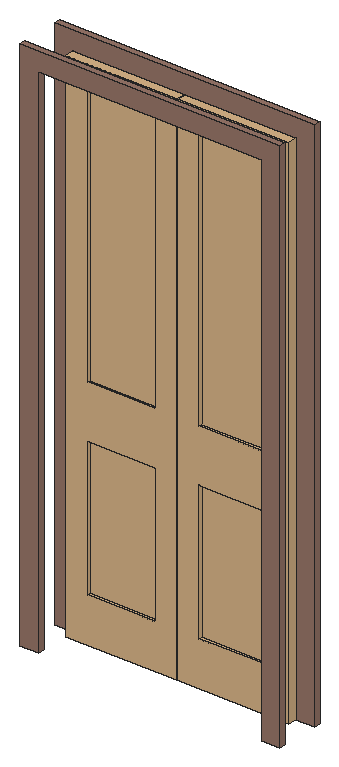
Revit family
Parameters (values of type "0915 x 2134mm")
  Thickness = 44 mm
  Assembly Code = ""
  Door Material = Door - Panel
  Frame Material = Door - Frame
  Height = 2134 mm
  Trim Projection Ext = 25 mm
  Trim Projection Int = 25 mm
  Trim Width = 76 mm
  Wall Closure = (empty or 0)
  Width = 915 mm
Types (5, lengths in mm): name | Height | Width
  0915 x 2134mm | 2134 | 915
  0813 x 2134mm | 2134 | 813
  0762 x 2134mm | 2134 | 762
  0762 x 2032mm | 2032 | 762
  0915 x 2032mm | 2032 | 915
Reference planes
  plane 1: y = 0
  plane 2: z = 0
  plane 3: x = 0
  plane 4: x = -457.5
  plane 5: x = 457.5
  plane 6: z = 2134
  plane 7: x = 50.8
  plane 8: x = -355.9
  plane 9: z = 184.15
  plane 10: z = 2045.1
  plane 11: z = 749.3
  plane 12: z = 965.119
  plane 13: x = -368.6
  plane 14: x = -88.9
  plane 15: x = 88.9
  plane 16: x = 368.6
  plane 17: y = 50.8
  plane 18: y = 63.5
  plane 19: y = 76.2
Forms (mm)
  Extrusion 1, solid, material "Door - Panel" <- "Door Material"
    sketch origin (0, 0, 0) x (1, 0, 0) y (0, 0, 1)
      loop
        line (0, 2134) -> (0, 0) -> (457.5, 0) -> (457.5, 2134) -> (0, 2134)
      loop
        line (368.6, 2045.1) -> (88.9, 2045.1) -> (88.9, 965.119) -> (368.6, 965.119) -> (368.6, 2045.1)
      loop
        line (368.6, 749.3) -> (88.9, 749.3) -> (88.9, 184.15) -> (368.6, 184.15) -> (368.6, 749.3)
    from -76.2 to -38.1
  Extrusion 2, solid, material "Door - Frame" <- "Frame Material"
    sketch origin (-1524, -76.2, 0) x (1, 0, 0) y (0, 0, 1)
      loop
        line (990.5, 2210) -> (990.5, 0) -> (1066.5, 0) -> (1066.5, 2134) -> (1981.5, 2134) -> (1981.5, 0) -> (2057.5, 0) -> (2057.5, 2210) -> (990.5, 2210)
    from 0 to 25
  Extrusion 3, solid, material "Door - Frame" <- "Frame Material"
    sketch origin (-1524, 76.2, 0) x (-1, 0, 0) y (0, 0, 1)
      loop
        line (-2057.5, 2210) -> (-2057.5, 0) -> (-1981.5, 0) -> (-1981.5, 2134) -> (-1066.5, 2134) -> (-1066.5, 0) -> (-990.5, 0) -> (-990.5, 2210) -> (-2057.5, 2210)
    from 0 to 25
  Extrusion 4, solid, material "Door - Panel" <- "Door Material"
    sketch origin (0, 38.1, 0) x (0, 0, -1) y (1, 0, 0)
      loop
        line (-2045.1, -88.9) -> (-2045.1, -368.6) -> (-965.119, -368.6) -> (-965.119, -88.9) -> (-2045.1, -88.9)
      loop
        line (-749.3, -88.9) -> (-749.3, -368.6) -> (-184.15, -368.6) -> (-184.15, -88.9) -> (-749.3, -88.9)
      loop
        line (-2045.1, 368.6) -> (-2045.1, 88.9) -> (-965.119, 88.9) -> (-965.119, 368.6) -> (-2045.1, 368.6)
      loop
        line (-749.3, 368.6) -> (-749.3, 88.9) -> (-184.15, 88.9) -> (-184.15, 368.6) -> (-749.3, 368.6)
    from -25.4 to -12.7
  Extrusion 5, solid, material "Door - Panel" <- "Door Material"
    sketch origin (0, 38.1, 0) x (0, 0, -1) y (1, 0, 0)
      loop
        line (-2134, -457.5) -> (0, -457.5) -> (0, 0) -> (-2134, 0) -> (-2134, -457.5)
      loop
        line (-2045.1, -368.6) -> (-965.119, -368.6) -> (-965.119, -88.9) -> (-2045.1, -88.9) -> (-2045.1, -368.6)
      loop
        line (-749.3, -368.6) -> (-184.15, -368.6) -> (-184.15, -88.9) -> (-749.3, -88.9) -> (-749.3, -368.6)
    from -38.1 to 0
Lines and regions (mm)
  Opening 1
    outline origin (-1524, -76.2, 3657.6) x (0, 0, -1) y (1, 0, 0)
      loop
        line (1523.6, 1066.5) -> (3657.6, 1066.5) -> (3657.6, 1981.5) -> (1523.6, 1981.5) -> (1523.6, 1066.5)
  model lines, style "DoorsFrameMullionProjection"
    curve 1: line (-533.5, -76.2, 0) -> (-533.5, -76.2, 2210)
    curve 2: line (-533.5, -76.2, 2210) -> (533.5, -76.2, 2210)
    curve 3: line (533.5, -76.2, 2210) -> (533.5, -76.2, 0)
    curve 4: line (533.5, 76.2, 0) -> (533.5, 76.2, 2210)
    curve 5: line (-533.5, 76.2, 2210) -> (533.5, 76.2, 2210)
    curve 6: line (-533.5, 76.2, 2210) -> (-533.5, 76.2, 0)
  symbolic lines, style "DoorsPanelProjection"
    curve 7: line (-355.876, 76.161, 0) -> (30.375, 321.45, 0)
    curve 8: line (-335.451, 43.998, 0) -> (-355.876, 76.161, 0)
    curve 9: line (50.8, 289.287, 0) -> (-335.451, 43.998, 0)
    curve 10: line (30.375, 321.45, 0) -> (50.8, 289.287, 0)
    curve 13: line (457.476, 76.161, 0) -> (71.225, 321.45, 0)
    curve 14: line (437.051, 43.998, 0) -> (457.476, 76.161, 0)
    curve 15: line (50.8, 289.287, 0) -> (437.051, 43.998, 0)
    curve 16: line (71.225, 321.45, 0) -> (50.8, 289.287, 0)
  symbolic lines, style "InvisibleLines", detail levels coarse
    curve 11: line (457.5, 76.2, 0) -> (50.8, 289.287, 0)
    curve 12: line (50.8, 289.287, 0) -> (-355.9, 76.2, 0)
  symbolic lines, style "Elevation Swing"
    curve 17: line (-457.5, 0, 2134) -> (0, 0, 1067)
    curve 18: line (-457.5, 0, 0) -> (0, 0, 1067)
    curve 19: line (0, 0, 2134) -> (457.5, 0, 1067)
    curve 20: line (457.5, 0, 1067) -> (0, 0, 0)
Dimensions and locks
  equal spacing: plane 4, plane 3, plane 5
  "Width": plane 4 to plane 5
  "Height": plane 6 to plane 2
  "Trim Width": plane 4 to curve 1
  "Trim Width": plane 5 to curve 3
  "Trim Width": plane 6 to curve 2
  locked: curve 5 to host wall
  "Trim Projection Ext": Extrusion 3 to host wall
  "Trim Projection Int": Extrusion 2 to host wall
  locked: Extrusion 1 to host wall at 38.1
  equal spacing: plane 8, plane 7, plane 5
  plane 4 to plane 8 = 101.6 mm
  plane 12 to plane 11 to plane 9 to plane 2 = 215.819 mm, 565.15 mm, 184.15 mm
  plane 6 to plane 10 = 88.9 mm
  locked: plane 4 to plane 13 at 88.9
  locked: plane 14 to plane 3 at 88.9
  locked: plane 3 to plane 15 at 88.9
  locked: plane 16 to plane 5 at 88.9
  locked: plane 18 to plane 17 at 12.7
  locked: host wall to Extrusion 5 at 38.1
  equal spacing: plane 6, curve 20, plane 2
  equal spacing: plane 6, curve 18, plane 2
  locked: plane 19 to host wall at 0
  locked: plane 17 to plane 19 at 25.4
  aligned and locked: host wall to Extrusion 1
  aligned and locked: plane 2 to curve 1
  aligned and locked: curve 3 to level
  aligned and locked: curve 4 to curve 3
  aligned and locked: curve 2 to Extrusion 2 sketch curve
  aligned and locked: Extrusion 2 sketch curve to curve 1
  aligned and locked: Extrusion 2 sketch curve to curve 3
  aligned and locked: Extrusion 2 to Extrusion 3 sketch curve
  aligned and locked: Extrusion 3 sketch curve to Extrusion 2  (x2)
  aligned and locked: Extrusion 1 sketch curve to plane 3
  aligned and locked: plane 16 to Extrusion 1 sketch curve  (x2)
  aligned and locked: Extrusion 1 sketch curve to plane 10
  aligned and locked: plane 12 to Extrusion 1 sketch curve
  aligned and locked: plane 15 to Extrusion 1 sketch curve  (x2)
  aligned and locked: Extrusion 1 sketch curve to plane 11
  aligned and locked: plane 9 to Extrusion 1 sketch curve
  aligned and locked: plane 13 to Extrusion 4 sketch curve
  aligned and locked: Extrusion 4 sketch curve to Extrusion 1  (x8)
  aligned and locked: Extrusion 4 to plane 18
  aligned and locked: plane 17 to Extrusion 4
  aligned and locked: Extrusion 5 sketch curve to host wall
  aligned and locked: Extrusion 5 sketch curve to Extrusion 1  (x2)
  aligned and locked: host wall to Extrusion 5
  aligned and locked: Extrusion 5 sketch curve to Extrusion 4  (x8)
Automatic sketch dimensions
  Opening 1 sketch curve to plane 6 = 0 mm
  Opening 1 sketch curve to level = 0 mm
  Opening 1 sketch curve to plane 4 = 0 mm
  Opening 1 sketch curve to plane 5 = 0 mm
  Extrusion 2 sketch curve to level = 0 mm  (x2)
  Extrusion 2 sketch curve to plane 4 = 0 mm
  Extrusion 2 sketch curve to plane 5 = 0 mm
  Extrusion 2 sketch curve to plane 6 = 0 mm
  Extrusion 3 sketch curve to level = 0 mm  (x2)
  Extrusion 3 sketch curve to plane 5 = 0 mm
  Extrusion 3 sketch curve to plane 4 = 0 mm
  Extrusion 3 sketch curve to plane 6 = 0 mm
  curve 12 to host wall = 0 mm
  curve 12 to plane 8 = 0 mm
  curve 9 to plane 7 = 0 mm
  curve 11 to plane 5 = 0 mm
  plane 8 to curve 7 = 0.024 mm
  plane 8 to curve 8 = 20.449 mm
  plane 7 to curve 16 = 20.425 mm
  plane 5 to curve 14 = 20.449 mm
  curve 14 to host wall = 0.039 mm
  curve 7 to host wall = 0.039 mm
  curve 9 to curve 8 = 32.163 mm
  curve 11 to host wall = 0 mm
  Extrusion 1 sketch curve to plane 5 = 0 mm
  Extrusion 1 sketch curve to level = 0 mm
  Extrusion 1 sketch curve to plane 6 = 0 mm
  Extrusion 4 sketch curve to plane 10 = 0 mm
  Extrusion 4 sketch curve to plane 12 = 0 mm
  Extrusion 4 sketch curve to plane 11 = 0 mm
  Extrusion 4 sketch curve to plane 9 = 0 mm
  Extrusion 4 sketch curve to plane 13 = 0 mm
  Extrusion 4 sketch curve to plane 14 = 0 mm  (x2)
  Extrusion 5 sketch curve to plane 4 = 0 mm
  curve 17 to plane 4 = 0 mm
  curve 17 to plane 6 = 0 mm
  curve 19 to plane 3 = 0 mm
  curve 19 to plane 6 = 0 mm
  curve 17 to plane 3 = 0 mm
  curve 19 to plane 5 = 0 mm
  curve 4 to level = 0 mm
  curve 6 to level = 0 mm
  curve 18 to level = 0 mm
  curve 20 to level = 0 mm
  curve 18 to plane 4 = 0 mm
  curve 20 to plane 3 = 0 mm
  curve 6 to curve 1 = 0 mm  (x2)
